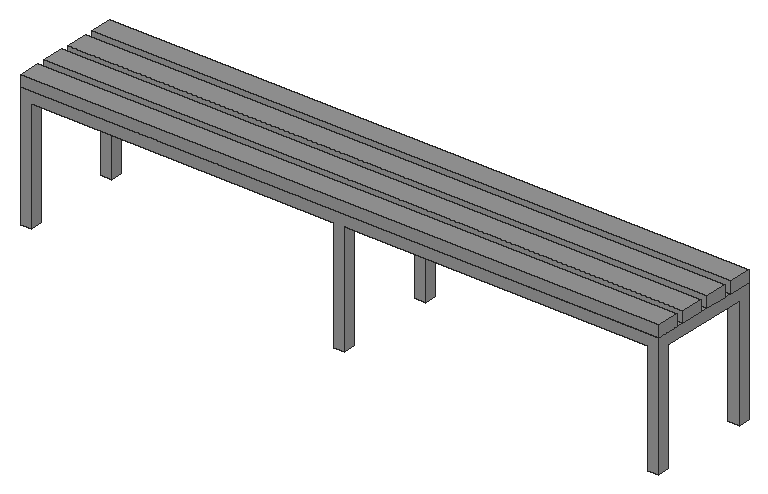
Revit family "бАНкетка для раздевалок «Бэйсик Дуо» Арт 20700", category Антураж, Revit 2018
Family settings
  На основе рабочей плоскости = Нет
  Всегда вертикально = Да
  При загрузке вырезать с полостями = Нет
  Источник визуального образа = Геометрия семейства
  Общий = Нет
  Точка расчета площади = Нет
Parameters (values of type "Банкетка для раздевалок «Бэйсик Дуо»")
  Ширина = 350 mm  # constant formula
  Цвет опор = Сталь
  Цвет лавки = Дерево
  Описание = "Банкетка для раздевалок «Бэйсик Дуо»"  # constant formula
  Материал изделия = "Сталь, дерево"  # constant formula
  Изображение типоразмера = Банкетка для раздевалок «Бэйсик Дуо» Арт 20700.jpg
  Изготовитель = "ООО «Хоббика»"  # constant formula
  Длина = 2000 mm  # constant formula
  Группа модели = "Скамейки для раздевалок"  # constant formula
  Высота = 420 mm  # constant formula
  Артикул товара = "Арт. 20700"  # constant formula
  URL = "https://hobbyka.ru/product/banketka_dlya_razdevalok_beysik_duo/"
Reference planes
  plane 1 "По центру (Вперед/Назад)": y = 0
  plane 2: z = 0
  plane 3 "По центру (Влево/Вправо)": x = 0
  plane 4: x = 2000
  plane 5: y = 350
  plane 6: z = 420
Forms (mm)
  Extrusion 1, solid, material "Сталь" <- "Цвет опор"
    sketch origin (0, 0, 0) x (0, 1, 0) y (0, 0, 1)
      loop
        line (350, 385) -> (0, 385) -> (0, 0) -> (35, 0) -> (35, 350) -> (315, 350) -> (315, 0) -> (350, 0) -> (350, 385)
    from 0 to 35
  Extrusion 2, solid, material "Сталь" <- "Цвет опор"
    sketch origin (0, 0, 0) x (0, 1, 0) y (0, 0, 1)
      loop
        line (350, 385) -> (0, 385) -> (0, 0) -> (35, 0) -> (35, 350) -> (315, 350) -> (315, 0) -> (350, 0) -> (350, 385)
    from 982.5 to 1017.5
  Extrusion 3, solid, material "Сталь" <- "Цвет опор"
    sketch origin (0, 0, 0) x (0, 1, 0) y (0, 0, 1)
      loop
        line (350, 385) -> (0, 385) -> (0, 0) -> (35, 0) -> (35, 350) -> (315, 350) -> (315, 0) -> (350, 0) -> (350, 385)
    from 1965 to 2000
  Extrusion 4, solid, material "Сталь" <- "Цвет опор"
    sketch origin (0, 0, 0) x (0, 1, 0) y (0, 0, 1)
      loop
        line (315, 350) -> (350, 350) -> (350, 385) -> (315, 385) -> (315, 350)
      loop
        line (0, 385) -> (0, 350) -> (35, 350) -> (35, 385) -> (0, 385)
    from 0 to 2000
  Extrusion 5, solid, material "Дерево" <- "Цвет лавки"
    sketch origin (0, 0, 0) x (0, 1, 0) y (0, 0, 1)
      loop
        line (350, 420) -> (280, 420) -> (280, 385) -> (350, 385) -> (350, 420)
    from 0 to 2000
  Extrusion 6, solid, material "Дерево" <- "Цвет лавки"
    sketch origin (0, -280, 0) x (0, 1, 0) y (0, 0, 1)
      loop
        line (350, 420) -> (280, 420) -> (280, 385) -> (350, 385) -> (350, 420)
    from 0 to 2000
  Extrusion 7, solid, material "Дерево" <- "Цвет лавки"
    sketch origin (0, -93.333, 0) x (0, 1, 0) y (0, 0, 1)
      loop
        line (350, 420) -> (280, 420) -> (280, 385) -> (350, 385) -> (350, 420)
    from 0 to 2000
  Extrusion 8, solid, material "Дерево" <- "Цвет лавки"
    sketch origin (0, -186.667, 0) x (0, 1, 0) y (0, 0, 1)
      loop
        line (350, 420) -> (280, 420) -> (280, 385) -> (350, 385) -> (350, 420)
    from 0 to 2000
Cuts and joins
  joined: Extrusion 1, Extrusion 2, Extrusion 3, Extrusion 4
Dimensions and locks
  "Длина": plane 3 "По центру (Влево/Вправо)" to plane 4
  "Ширина": plane 5 to plane 1 "По центру (Вперед/Назад)"
  "Высота": plane 6 to plane 2
  equal spacing: group 1, group 3, group 4, group 2  (x2)
  equal spacing: group 2, group 4, group 3, group 1
  aligned and locked: level to plane 2
Automatic sketch dimensions
  Extrusion 1 sketch curve to plane 1 "По центру (Вперед/Назад)" = 0 mm
  Extrusion 1 sketch curve to level = 0 mm  (x2)
  Extrusion 1 sketch curve to plane 5 = 0 mm
  Extrusion 1 sketch curve to plane 1 "По центру (Вперед/Назад)" = 35 mm
  Extrusion 1 sketch curve to plane 5 = 35 mm
  Extrusion 1 sketch curve to plane 6 = 70 mm
  Extrusion 1 sketch curve to plane 6 = 35 mm
  Extrusion 2 sketch curve to plane 1 "По центру (Вперед/Назад)" = 0 mm
  Extrusion 2 sketch curve to level = 0 mm  (x2)
  Extrusion 2 sketch curve to plane 5 = 0 mm
  Extrusion 2 sketch curve to plane 1 "По центру (Вперед/Назад)" = 35 mm
  Extrusion 2 sketch curve to plane 5 = 35 mm
  Extrusion 2 sketch curve to plane 6 = 70 mm
  Extrusion 2 sketch curve to plane 6 = 35 mm
  Extrusion 3 sketch curve to plane 1 "По центру (Вперед/Назад)" = 0 mm
  Extrusion 3 sketch curve to level = 0 mm  (x2)
  Extrusion 3 sketch curve to plane 5 = 0 mm
  Extrusion 3 sketch curve to plane 1 "По центру (Вперед/Назад)" = 35 mm
  Extrusion 3 sketch curve to plane 5 = 35 mm
  Extrusion 3 sketch curve to plane 6 = 70 mm
  Extrusion 3 sketch curve to plane 6 = 35 mm
  Extrusion 4 sketch curve to plane 1 "По центру (Вперед/Назад)" = 0 mm
  Extrusion 4 sketch curve to plane 5 = 0 mm
  Extrusion 4 sketch curve to plane 1 "По центру (Вперед/Назад)" = 35 mm
  Extrusion 4 sketch curve to plane 5 = 35 mm
  Extrusion 4 sketch curve to plane 6 = 70 mm  (x2)
  Extrusion 4 sketch curve to plane 6 = 35 mm  (x2)
  Extrusion 5 sketch curve to Extrusion 5 sketch curve = 70 mm
  Extrusion 5 sketch curve to Extrusion 5 sketch curve = 35 mm
  Extrusion 6 sketch curve to Extrusion 6 sketch curve = 70 mm
  Extrusion 6 sketch curve to Extrusion 6 sketch curve = 35 mm
  Extrusion 7 sketch curve to Extrusion 7 sketch curve = 70 mm
  Extrusion 7 sketch curve to Extrusion 7 sketch curve = 35 mm
  Extrusion 8 sketch curve to Extrusion 8 sketch curve = 70 mm
  Extrusion 8 sketch curve to Extrusion 8 sketch curve = 35 mm
